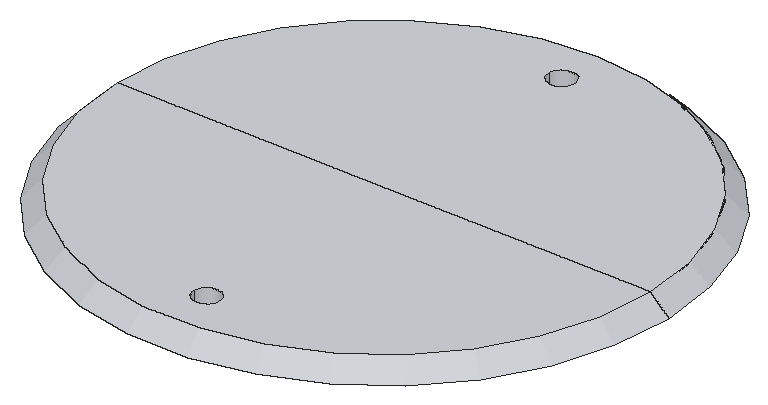
Revit family "PLB", category Generic Models, Revit 2017
Family settings
  Can host rebar = No
  Round Connector Dimension = Use Diameter
  Part Type = Normal
  Work Plane-Based = Yes
  Always vertical = No
  Cut with Voids When Loaded = No
  Shared = No
  Room Calculation Point = No
Parameters (values of type "NBS Standard Parameters")
  Weight = "0.0112Kg"
  WarrantyStartDate [instance] = "1900-12-31T23:59:59"
  WarrantyGuarantorParts = "n/a"
  WarrantyGuarantorLabor = "n/a"
  WarrantyDurationUnit = "1 year"
  WarrantyDurationParts = "n/a"
  WarrantyDurationLabor = "n/a"
  WarrantyDescription = "n/a"
  Version = "1"
  Uniclass2 = "Pr_65_70_11_20"
  TagNumber [instance] = "n/a"
  SustainabilityPerformance = "n/a"
  Size = ""
  Shape = "Circular"
  SerialNumber [instance] = "n/a"
  Revision = "n/a"
  ReplacementCost = "n/a"
  ProductInformation = "www.metpro.co.uk/pdf/plw.pdf"
  NominalWidth = 65 mm
  NominalLength = 65 mm
  NominalHeight = 2 mm
  Name = ""
  NBSTypeID = ""
  NBSReference = "90-55-10/460"
  NBSOfficeMasterTag = ""
  NBSNote = ""
  NBSDescription = "Conduit Fittings"
  NBSCertification = ""
  ModelReference = "PLB"
  ModelNumber = "n/a"
  Material = "PVC"
  ManufacturerURL = "www.metpro.co.uk"
  ManufacturerName = "Metpro Ltd"
  Keynote = "Manufactured to BS4607 Part 1"
  InstallationDate [instance] = "1900-12-31T23:59:59"
  IfcExportType = ""
  IfcExportAs = ""
  Grade = "n/a"
  Finish = "Black"
  Features = "n/a"
  ExpectedLife = "n/a"
  DurationUnit = "year"
  Description = "PLB - PVC Conduit Circle Box Lid"
  Default Elevation = 1219.2 mm
  Constituents = "n/a"
  Color = "n/a"
  CodePerformance = "n/a"
  Category = "n/a"
  BarCode [instance] = "n/a"
  BIMObjectName = "Metpro_metprolibrary_conduitfittings_PVC component_accessory"
  Author = "Metpro Ltd"
  AssetType = ""
  AssetIdentifier [instance] = "n/a"
  AccessibilityPerformance = "n/a"
Reference planes
  plane 1 "Center (Front/Back)": y = 0
  plane 2: z = 0
  plane 3 "Center (Left/Right)": x = 0
Forms (mm)
  Revolve 1, solid
    sketch origin (-462.331, 277.584, 9.525) x (0, 0, -1) y (-1, 0, 0)
      loop
        line (11.525, 12.327) -> (9.525, 12.327) -> (9.525, -17.673) -> (11.525, -19.673) -> (11.525, 12.327)
      axis (9.525, 12.327) -> (11.525, 12.327)
    angle from 0 to 360
  Extrusion 2, void
    sketch origin (-474.658, 277.584, 0) x (1, 0, 0) y (0, -1, 0)
      loop
        circle (0, 24.932) r 1.5
      loop
        circle (0, -24.932) r 1.5
    from 0 to 2
Cuts and joins
  Extrusion 2 cuts Revolve 1
Dimensions and locks
  aligned and locked: level to plane 2
  aligned and locked: Extrusion 2 to Revolve 1
  aligned and locked: Revolve 1 to Extrusion 2
